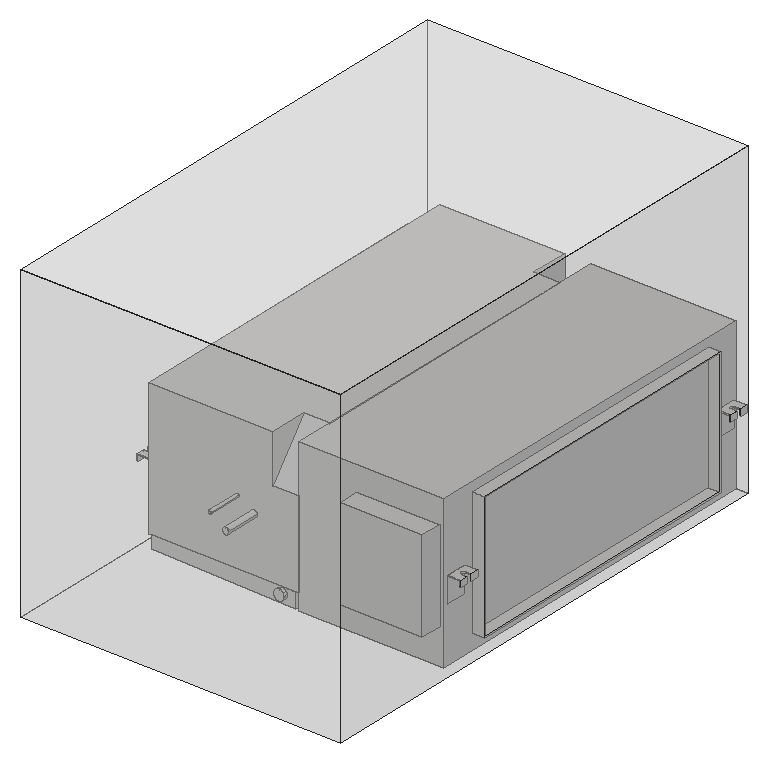
Revit family "outputfile", category 機械設備, Revit 2024
Family settings
  丸型コネクタ寸法 = 半径を使用
  パーツ タイプ = 標準
  OmniClass 番号 = 23.75.10.24.21.27.27
  OmniClass タイトル = Split System Air Conditioning Units
  作業面ベース = いいえ
  常に垂直 = はい
  ロード時にボイドで切り取り = いいえ
  注釈の向きを維持 = いいえ
  共有 = いいえ
  部屋計算ポイント = はい
Parameters (values of type "FDYQ180LCV1")
  製造元 = "Daikin"
  書き出し IFC クラス(タイプ) = "IfcUnitaryEquipmentType"
  定義済み IFC タイプ(タイプ) = "AIRCONDITIONINGUNIT"
  モデル = "FDYQ180LCV1"
  switch_frequency = yes
  lw_suctionflange = 918 mm
  r_Liquid Pipe Size = Liquid Pipe Size / 2  # 4.75 mm
  r_Gas Pipe Size = Gas Pipe Size / 2  # 9.55 mm
  r_Drain Pipe Size = Drain Pipe Size / 2  # 16.35 mm
  lw_power = 33.5 mm  # constant formula
  lw_dischargeflange = 58 mm  # constant formula
  lh_power = 285 mm  # constant formula
  lh_mountinghole1 = lh_mountinghole + [h***]  # 254 mm
  lh_dischargeflange = 110 mm  # constant formula
  ld_power = 230 mm  # constant formula
  ld_dischargeflange = 70 mm  # constant formula
  connector_voltage = Voltage_50Hz  # 230 V
  connector_powerinput = 6.110 kW
  connector_phase = Phase_50Hz  # 1
  Voltage_comment_50Hz = "220 - 240"
  Voltage_50Hz = 230 V
  Total Heating Capacity [instance] = 0.000 kW
  Supply Air Direction [instance] = yes
  Sound Power Level_H speed (dB) = 73
  Power Input (Heating) = 5.810 kW
  Phase_50Hz = 1
  Nominal Heating Capacity = 20.000 kW
  Minimum External Static Pressure = 50.00 Pa
  Minimum Circuit Amps_50Hz = 7.4 A
  Maximum Fuse Amps_50Hz = 16.0 A
  Maximum External Static Pressure = 210.00 Pa
  Material_Casing = DAIKIN_GalvanizedSteel_Casing_indoorunit
  ld_mountinghole = 972 mm  # constant formula
  lh_gaspipe = 248.5 mm  # constant formula
  lh_mountinghole = 254 mm  # constant formula
  lh_liquidpipe = 216 mm  # constant formula
  lh_drainpipe = 30 mm  # constant formula
  lh_antena = Height - lh_mountinghole + 1 mm  # 217 mm
  ld_drainpipe = 413.5 mm  # constant formula
  ld_liquidpipe = 275 mm  # constant formula
  ld_gaspipe = 327.5 mm  # constant formula
  lw_mountinghole = 1048 mm
  h*** = 0 mm  # constant formula
  lw_liquidpipe = 105.75 mm
  lw_gaspipe = 109.55 mm
  lw_drainpipe = 10 mm  # constant formula
  Width = 1200 mm
  Version = "ver.1.0"
  Unit Type = "Duct"
  Unit Mass Weight = 70.00 kg
  Unit Designation [instance] = ""
  Uniclass2015Version = "Products v1.30"
  Uniclass2015Title = "Split coil room air conditioning units"
  Uniclass2015Code = "Pr_70_65_03_86"
  Total Cooling Capacity [instance] = 0.000 kW
  Sound Pressure Level_M speed (dBA) = 41.5
  Sound Pressure Level_L speed (dBA) = 38
  Sound Pressure Level_H speed (dBA) = 45
  Series = "SkyAir_Fan Coil Unit"
  Sensible Cooling Capacity [instance] = 0.000 kW
  SA Duct Size Width = 918 mm
  SA Duct Size Height = 350 mm
  Refrigerant Type = "R410A"
  RA Duct Size Width = 918 mm
  RA Duct Size Height = 392.5 mm
  Power Input (Cooling) = 5.610 kW
  Option Accessory 3 [instance] = ""
  Option Accessory 2 [instance] = ""
  Option Accessory 1 [instance] = ""
  Nominal Cooling Capacity = 18.000 kW
  Minimum Airflow = 0.00 m³/h
  Median Airflow = 0.00 m³/h
  Maximum Airflow = 4176.00 m³/h
  Load Classification = HVAC
  Liquid Pipe Size = 9.5 mm
  Link_Nested Family [instance] = ""
  IfcVersion = ""
  IfcExportType = "AIRCONDITIONINGUNIT"
  IfcExportAs = "IfcUnitaryEquipmentType"
  Height = 470 mm
  Heating Entering Wet Bulb Temperature [instance] = -273.15 °C
  Heating Entering Dry Bulb Temperature [instance] = -273.15 °C
  Heating Ambient Wet Bulb Temperature [instance] = -273.15 °C
  Heating Ambient Dry Bulb Temperature [instance] = -273.15 °C
  Heat Exchanger Type = "Cross Fin Coil"
  Gas Pipe Size = 19.1 mm
  Frequency_50Hz = 50 Hz
  Fan Type = "Sirocco Fan"
  Fan Drive = "-"
  FCU Tag No. [instance] = ""
  Drain Pipe Size = 32.7 mm
  Design Supply Airflow [instance] = 0.00 m³/h
  Design Return Airflow [instance] = 0.00 m³/h
  Design External Static Pressure [instance] = 0.00 Pa
  Depth = 997 mm
  既定の高さ = 0 mm
  Cooling Entering Wet Bulb Temperature [instance] = 0.00 °C
  Cooling Entering Dry Bulb Temperature [instance] = 0.00 °C
  Cooling Ambient Wet Bulb Temperature [instance] = 0.00 °C
  Cooling Ambient Dry Bulb Temperature [instance] = 0.00 °C
  Clearance visibility [instance] = yes
  Clearance Top = 500 mm
  Clearance Right = 0 mm
  Clearance Rear = 0 mm
  Clearance Left = 0 mm
  Clearance Front = 450 mm
  Clearance Bottom = 0 mm
Reference planes
  plane 1 "Center (Front/Back)": y = 0
  plane 2 "h": z = 0
  plane 3 "Center (Left/Right)": x = 0
  plane 4 "Back": y = 566.5
  plane 5: y = -566.5
  plane 6 "Left": x = -498.5
  plane 7 "Reight": x = 498.5
  plane 8 "Top": z = 0
  plane 9 "Bottom": z = -470
  plane 10 "ld_mountinghole1": y = 524
  plane 11: y = 566.5
  plane 12: y = -1016.5
  plane 13: x = -498.5
  plane 14: x = 498.5
  plane 15: z = 500
  plane 16: z = -470
  plane 17: x = 7.75
  plane 18: z = -420
  plane 19 "ld_mountinghole2": y = -524
  plane 20: x = -486
  plane 21: x = 486
  plane 22: x = -459.25
  plane 23: x = 459.25
  plane 24 "Front": y = -633.5
  plane 25 "lh_mountinghole": z = -216
  plane 26: y = -429.5
  plane 27: z = -33
  plane 28: y = -459
  plane 29: z = -419
  plane 30: x = -184.25
  plane 31: x = -131.75
  plane 32: x = -45.75
  plane 33 "lh_liquidpipe": z = -216
  plane 34: z = -248.5
  plane 35: z = -440
  plane 36: y = -672.25
  plane 37: y = -676.05
  plane 38: y = -576.5
  plane 39: y = -600
  plane 40: x = 229.25
Forms (mm)
  Extrusion 1, solid, material "DAIKIN_GalvanizedSteel_Casing_indoorunit" <- "Material_Casing"
    sketch origin (12.25, -160, 0) x (1, 0, 0) y (0, 1, 0)
      loop
        line (-4.5, 726.5) -> (-4.5, -406.5) -> (447, -406.5) -> (447, 726.5) -> (-4.5, 726.5)
    from -470 to 0
  Extrusion 2, solid, material "DAIKIN_GalvanizedSteel_Casing_indoorunit" <- "Material_Casing"
    sketch origin (0, 0, 0) x (1, 0, 0) y (0, 1, 0)
      loop
        line (-459.25, 566.5) -> (-459.25, -566.5) -> (7.75, -566.5) -> (7.75, 566.5) -> (-459.25, 566.5)
    from -420 to 0
  Extrusion 3, void
    sketch origin (7.75, 1196.25, 1200) x (0, -1, 0) y (0, 0, 1)
      loop
        line (1762.75, -1200) -> (1642.75, -1200) -> (1762.75, -1350) -> (1762.75, -1200)
    from 0 to 80
  Extrusion 4, void
    sketch origin (7.75, -1196.25, 1200) x (0, 1, 0) y (0, 0, -1)
      loop
        line (1762.75, 1200) -> (1762.75, 1350) -> (1642.75, 1200) -> (1762.75, 1200)
    from 0 to 80
  Extrusion 5, solid, material "DAIKIN_GalvanizedSteel_Casing_indoorunit" <- "Material_Casing"
    sketch origin (0, -900, 0) x (1, 0, 0) y (0, 0, 1)
      loop
        line (190.25, -76) -> (190.25, -361) -> (444.25, -361) -> (444.25, -76) -> (190.25, -76)
    from -333.5 to -266.5
  Extrusion 6, solid, material "DAIKIN_GalvanizedSteel_Casing_indoorunit" <- "Material_Casing"
    sketch origin (0, 0, 0) x (1, 0, 0) y (0, 0, 1)
      loop
        line (-449.25, -420) -> (-449.25, -457) -> (-2.25, -467) -> (-2.25, -420) -> (-449.25, -420)
    from -566.5 to 566.5
  Extrusion 7, solid, material "DAIKIN_GalvanizedSteel_Casing_indoorunit" <- "Material_Casing"
    sketch origin (-1374.64, -566.5, 1200) x (-1, 0, 0) y (0, 0, 1)
      loop
        circle (-1190.39, -1416) r 4.75
    from 0 to -105.75
  Extrusion 8, solid, material "DAIKIN_GalvanizedSteel_Casing_indoorunit" <- "Material_Casing"
    sketch origin (-1374.64, -566.5, 1200) x (-1, 0, 0) y (0, 0, 1)
      loop
        circle (-1242.89, -1448.5) r 9.55
    from 0 to -109.55
  Extrusion 9, solid, material "DAIKIN_GalvanizedSteel_Casing_indoorunit" <- "Material_Casing"
    sketch origin (-1374.64, -566.5, 1200) x (-1, 0, 0) y (0, 0, 1)
      loop
        circle (-1328.89, -1640) r 16.35
    from 0 to -10
Cuts and joins
  Extrusion 3, Extrusion 4 cuts Extrusion 1
  Extrusion 3, Extrusion 4 cuts Extrusion 2
Dimensions and locks
  "Height": plane 8 "Top" to plane 9 "Bottom"
  equal spacing: plane 6 "Left", plane 3 "Center (Left/Right)", plane 7 "Reight"
  "Clearance Left": plane 13 to plane 6 "Left"
  "Clearance Right": plane 7 "Reight" to plane 14
  "Clearance Rear": plane 11 to plane 4 "Back"
  "Clearance Front": plane 5 to plane 12
  "Clearance Top": plane 15 to plane 8 "Top"
  "Clearance Bottom": plane 9 "Bottom" to plane 16
  equal spacing: plane 19 "ld_mountinghole2", plane 1 "Center (Front/Back)", plane 10 "ld_mountinghole1"
  "lw_mountinghole": plane 19 "ld_mountinghole2" to plane 10 "ld_mountinghole1"
  equal spacing: plane 20, plane 3 "Center (Left/Right)", plane 21
  "ld_mountinghole": plane 20 to plane 21
  "Depth": plane 6 "Left" to plane 7 "Reight"
  locked: plane 22 to plane 23 at 918.5
  equal spacing: plane 22, plane 3 "Center (Left/Right)", plane 23
  locked: plane 8 "Top" to plane 18 at 420
  "Width": plane 4 "Back" to plane 24 "Front"
  plane 4 "Back" to plane 5 = 1133 mm
  equal spacing: plane 4 "Back", plane 1 "Center (Front/Back)", plane 5
  "lh_mountinghole": plane 25 "lh_mountinghole" to plane 9 "Bottom"
  locked: plane 5 to plane 24 "Front" at 67
  locked: Extrusion 5 sketch curve to Extrusion 5 sketch curve at 254
  locked: Extrusion 5 sketch curve to Extrusion 5 sketch curve at 285
  locked: plane 8 "Top" to Extrusion 5 sketch curve at 76
  locked: plane 7 "Reight" to Extrusion 5 sketch curve at 54.25
  locked: plane 22 to plane 17 at 467
  locked: plane 26 to plane 5 at 137
  locked: plane 8 "Top" to plane 27 at 33
  locked: plane 28 to plane 5 at 107.5
  locked: plane 29 to plane 9 "Bottom" at 51
  "ld_liquidpipe": plane 22 to plane 30
  "ld_gaspipe": plane 22 to plane 31
  "ld_drainpipe": plane 22 to plane 32
  "lh_liquidpipe": plane 8 "Top" to plane 33 "lh_liquidpipe"
  "lh_gaspipe": plane 8 "Top" to plane 34
  "lh_drainpipe": plane 35 to plane 9 "Bottom"
  "lw_liquidpipe": plane 5 to plane 36
  "lw_gaspipe": plane 5 to plane 37
  "lw_drainpipe": plane 5 to plane 38
  "lw_power": plane 5 to plane 39
  "ld_power": plane 40 to plane 23
  "r_Liquid Pipe Size": radius of Extrusion 7 sketch curve
  "r_Gas Pipe Size": radius of Extrusion 8 sketch curve
  "r_Drain Pipe Size": radius of Extrusion 9 sketch curve
  aligned and locked: level to plane 2 "h"
  aligned and locked: plane 8 "Top" to Extrusion 1
  aligned and locked: Extrusion 1 to plane 9 "Bottom"
  aligned and locked: plane 10 "ld_mountinghole1" to nested 2
  aligned and locked: nested 4 to plane 12
  aligned and locked: plane 13 to nested 4
  aligned and locked: plane 14 to nested 4
  aligned and locked: nested 4 to plane 13
  aligned and locked: plane 11 to nested 4
  aligned and locked: plane 15 to nested 4
  aligned and locked: plane 16 to nested 4
  aligned and locked: Extrusion 1 to plane 17
  aligned and locked: Extrusion 2 sketch curve to plane 4 "Back"
  aligned and locked: Extrusion 2 sketch curve to plane 17
  aligned and locked: plane 5 to Extrusion 2 sketch curve
  aligned and locked: nested 1 to plane 19 "ld_mountinghole2"
  aligned and locked: plane 10 "ld_mountinghole1" to nested 7
  aligned and locked: plane 20 to nested 7
  aligned and locked: nested 6 to plane 19 "ld_mountinghole2"
  aligned and locked: plane 20 to nested 6
  aligned and locked: nested 5 to plane 21
  aligned and locked: nested 5 to plane 19 "ld_mountinghole2"
  aligned and locked: plane 10 "ld_mountinghole1" to nested 8
  aligned and locked: nested 8 to plane 21
  aligned and locked: plane 19 "ld_mountinghole2" to nested 9
  aligned and locked: nested 10 to plane 10 "ld_mountinghole1"
  aligned and locked: nested 3 to plane 3 "Center (Left/Right)"
  aligned and locked: plane 1 "Center (Front/Back)" to nested 3
  aligned and locked: level to plane 8 "Top"
  aligned and locked: Extrusion 2 to plane 22
  aligned and locked: plane 23 to Extrusion 1
  aligned and locked: plane 4 "Back" to Extrusion 1
  aligned and locked: Extrusion 1 to plane 5
  aligned and locked: Extrusion 2 to plane 18
  aligned and locked: plane 8 "Top" to Extrusion 2
  aligned and locked: nested 10 to plane 22
  aligned and locked: nested 9 to plane 22
  aligned and locked: plane 23 to nested 2
  aligned and locked: plane 23 to nested 1
  aligned and locked: plane 25 "lh_mountinghole" to nested 10
  aligned and locked: plane 25 "lh_mountinghole" to nested 9
  aligned and locked: plane 25 "lh_mountinghole" to nested 2
  aligned and locked: plane 25 "lh_mountinghole" to nested 1
  aligned and locked: plane 5 to Extrusion 5
  aligned and locked: Extrusion 5 to plane 24 "Front"
  aligned and locked: nested 11 to plane 22
  aligned and locked: plane 6 "Left" to nested 11
  aligned and locked: plane 26 to nested 11
  aligned and locked: plane 27 to nested 11
  aligned and locked: plane 23 to nested 12
  aligned and locked: nested 12 to plane 7 "Reight"
  aligned and locked: plane 28 to nested 12
  aligned and locked: nested 12 to plane 29
  aligned and locked: plane 4 "Back" to Extrusion 6
  aligned and locked: Extrusion 6 to plane 5
  aligned and locked: plane 33 "lh_liquidpipe" to Extrusion 7 sketch curve
  aligned and locked: plane 30 to Extrusion 7 sketch curve
  aligned and locked: plane 5 to Extrusion 7
  aligned and locked: Extrusion 7 to plane 36
  aligned and locked: plane 34 to Extrusion 8 sketch curve
  aligned and locked: plane 31 to Extrusion 8 sketch curve
  aligned and locked: Extrusion 8 to plane 37
  aligned and locked: plane 35 to Extrusion 9 sketch curve
  aligned and locked: plane 32 to Extrusion 9 sketch curve
  aligned and locked: plane 5 to Extrusion 8
  aligned and locked: plane 5 to Extrusion 9
  aligned and locked: Extrusion 9 to plane 38
  aligned and locked: plane 30 to nested 13
  aligned and locked: nested 13 to plane 36
  aligned and locked: nested 13 to plane 33 "lh_liquidpipe"
  aligned and locked: plane 31 to nested 14
  aligned and locked: nested 14 to plane 37
  aligned and locked: nested 14 to plane 34
  aligned and locked: plane 32 to nested 15
  aligned and locked: nested 15 to plane 38
  aligned and locked: nested 15 to plane 35
  aligned and locked: Extrusion 5 to nested 16
  aligned and locked: plane 40 to nested 16
  aligned and locked: nested 16 to plane 39
  aligned and locked: Extrusion 6 sketch curve to plane 18
Automatic sketch dimensions
  Extrusion 1 sketch curve to plane 5 = 0 mm
  Extrusion 1 sketch curve to plane 17 = 0 mm
  Extrusion 1 sketch curve to plane 23 = 0 mm
  Extrusion 1 sketch curve to plane 4 "Back" = 0 mm
  Extrusion 2 sketch curve to plane 22 = 0 mm
  Extrusion 3 sketch curve to level = 0 mm
  Extrusion 3 sketch curve to plane 5 = 0 mm
  plane 19 "ld_mountinghole2" to Extrusion 3 sketch curve = 77.5 mm
  plane 25 "lh_mountinghole" to Extrusion 3 sketch curve = 66 mm
  Extrusion 4 sketch curve to level = 0 mm
  Extrusion 4 sketch curve to plane 4 "Back" = 0 mm
  plane 10 "ld_mountinghole1" to Extrusion 4 sketch curve = 77.5 mm
  plane 25 "lh_mountinghole" to Extrusion 4 sketch curve = 66 mm
  plane 22 to Extrusion 6 sketch curve = 10 mm
  Extrusion 6 sketch curve to plane 3 "Center (Left/Right)" = 2.25 mm
  plane 9 "Bottom" to Extrusion 6 sketch curve = 3 mm
  plane 9 "Bottom" to Extrusion 6 sketch curve = 13 mm
Nested families
  nested 1: "daikin_hangerfixture_FDYQ-LCV1" at (459.25, -524, -216), type "daikin_hangerfixture_FDYQ-LCV1"
  nested 2: "daikin_hangerfixture_FDYQ-LCV1" at (459.25, 524, -216), type "daikin_hangerfixture_FDYQ-LCV1"
  nested 3: "daikin_△_symbolicline" at (0, 0, 470) x (0, -1, 0) z (0, 0, 1), built-in parameter 1001364 <- "Height", visible <- "Supply Air Direction", type "daikin_△_symbolicline"
    with length 300 mm
  nested 4: "daikin_clearancespace" at (0, -225, 15.119), visible <- "Clearance visibility", show <- "Clearance visibility", Link_Nested Family <- "Link_Nested Family", type "daikin_clearancespace"
    with width 997 mm, show yes, height 970 mm, depth 1583 mm, Link_Nested Family ""
  nested 5: "daikin_mountinghole" at (486, -524, -470), l_antenna <- "lh_antena", Link_Nested Family <- "Link_Nested Family", h_mountinghole <- "lh_mountinghole1", type "daikin_mountinghole"
    with show yes, l_antenna 217 mm, h_mountinghole 254 mm, Link_Nested Family ""
  nested 6: "daikin_mountinghole" at (-486, -524, -470), l_antenna <- "lh_antena", Link_Nested Family <- "Link_Nested Family", h_mountinghole <- "lh_mountinghole1", type "daikin_mountinghole"
    with show yes, l_antenna 217 mm, h_mountinghole 254 mm, Link_Nested Family ""
  nested 7: "daikin_mountinghole" at (-486, 524, -470), h_mountinghole <- "lh_mountinghole1", l_antenna <- "lh_antena", Link_Nested Family <- "Link_Nested Family", type "daikin_mountinghole"
    with show yes, l_antenna 217 mm, h_mountinghole 254 mm, Link_Nested Family ""
  nested 8: "daikin_mountinghole" at (486, 524, -470), l_antenna <- "lh_antena", Link_Nested Family <- "Link_Nested Family", h_mountinghole <- "lh_mountinghole1", type "daikin_mountinghole"
    with show yes, l_antenna 217 mm, h_mountinghole 254 mm, Link_Nested Family ""
  nested 9: "daikin_hangerfixture_FDYQ-LCV1_2" at (-459.25, -524, -216) x (-1, 0, 0) z (0, 0, 1), type "daikin_hangerfixture_FDYQ-LCV1_2"
  nested 10: "daikin_hangerfixture_FDYQ-LCV1_2" at (-459.25, 524, -216) x (-1, 0, 0) z (0, 0, 1), type "daikin_hangerfixture_FDYQ-LCV1_2"
  nested 11: "daikin_ductflange_FDYQ-LCV1" at (-498.5, 29.5, -383) x (0, 1, 0) z (0, 0, 1), width <- "lw_suctionflange", material <- "Material_Casing", type "daikin_ductflange_FDYQ-LCV1"
    with width 918 mm, material DAIKIN_GalvanizedSteel_Casing_indoorunit, height 350 mm, depth 39.25 mm
  nested 12: "daikin_ductflange_FDYQ-LCV1" at (459.25, 0, -419) x (0, 1, 0) z (0, 0, 1), width <- "lw_suctionflange", material <- "Material_Casing", type "daikin_ductflange_FDYQ-LCV1"
    with width 918 mm, material DAIKIN_GalvanizedSteel_Casing_indoorunit, height 392.5 mm, depth 39.25 mm
  nested 13: "daikin_connector_rotate2" at (-184.25, -566.5, -216), length <- "lw_liquidpipe", radius <- "r_Liquid Pipe Size", type "daikin_connector_rotate2"
    with radius 4.75 mm, length 105.75 mm, angle_vertical 90.00°, show_face no
  nested 14: "daikin_connector_rotate2" at (-131.75, -566.5, -248.5), length <- "lw_gaspipe", radius <- "r_Gas Pipe Size", type "daikin_connector_rotate2"
    with radius 9.55 mm, length 109.55 mm, angle_vertical 90.00°, show_face no
  nested 15: "daikin_connector_rotate2" at (-45.75, -566.5, -440), length <- "lw_drainpipe", radius <- "r_Drain Pipe Size", type "daikin_connector_rotate2"
    with radius 16.35 mm, length 10 mm, angle_vertical 90.00°, show_face no
  nested 16: "daikin_connector_rotate2" at (229.25, -600, -76) x (1, 0, 0) z (0, -1, 0), length <- "lh_power", type "daikin_connector_rotate2"
    with radius 10 mm, length 285 mm, angle_vertical 90.00°, show_face no
Connectors
  hvac at (-498.5, 29.5, -208), driven by "SA Duct Size Height", driven by "SA Duct Size Width"
    settings: on nested 11, index 1, duct flow 0.00 m³/h, flow factor 0, pres drop 0.00 Pa, loss coef 0, conn angle 0.00°, conn width 918.0 mm, conn height 350.0 mm, conn diameter 609.6 mm, duct sys type 1, conn prof type 1, flow config 0, flow direction 2, loss method 4, conn ref index -1, conn util no, is conn primary yes, conn desc "SA Duct"
  hvac at (498.5, 0, -222.75), driven by "RA Duct Size Height", driven by "RA Duct Size Width"
    settings: on nested 12, index 2, duct flow 0.00 m³/h, flow factor 0, pres drop 0.00 Pa, loss coef 0, conn angle 0.00°, conn width 918.0 mm, conn height 392.5 mm, conn diameter 609.6 mm, duct sys type 2, conn prof type 1, flow config 0, flow direction 1, loss method 4, conn ref index -1, conn util no, is conn primary no, conn desc "RA Duct"
  piping at (-184.25, -672.25, -216), diameter 9.5, driven by "r_Liquid Pipe Size"
    settings: on nested 13, index 3, connector inside diameter 609.6 mm, connector length 0 mm, flow factor 0, pipe flow 0.00 m³/h, pressure drop 0.0 Pa, fitting loss kfactor 0, connector angle 0.00°, fixture units 0, engagement length 0 mm, angle of deflection 0.00°, flow configuration 1, flow direction 1, fitting loss method 0, system type 29, joint type 0, gender type 0, connector reference index -1, connector utility 0, adjustable connector no, is connector primary yes, connector description "Refrigerant Liquid Piping"
  piping at (-131.75, -676.05, -248.5), diameter 19.1, driven by "r_Gas Pipe Size"
    settings: on nested 14, index 4, connector inside diameter 609.6 mm, connector length 0 mm, flow factor 0, pipe flow 0.00 m³/h, pressure drop 0.0 Pa, fitting loss kfactor 0, connector angle 0.00°, fixture units 0, engagement length 0 mm, angle of deflection 0.00°, flow configuration 1, flow direction 2, fitting loss method 0, system type 29, joint type 0, gender type 0, connector reference index -1, connector utility 0, adjustable connector no, is connector primary no, connector description "Refrigerant Gas Piping"
  piping at (-45.75, -576.5, -440), diameter 32.7, driven by "r_Drain Pipe Size"
    settings: on nested 15, index 5, connector inside diameter 609.6 mm, connector length 0 mm, flow factor 0, pipe flow 0.00 m³/h, pressure drop 0.0 Pa, fitting loss kfactor 0, connector angle 0.00°, fixture units 0, engagement length 0 mm, angle of deflection 0.00°, flow configuration 1, flow direction 2, fitting loss method 4, system type 16, joint type 0, gender type 0, connector reference index -1, connector utility 0, adjustable connector no, is connector primary no, connector description "Condensate Drain Piping"
  electrical at (229.25, -600, -361), driven by "Load Classification", driven by "connector_voltage", driven by "connector_phase", driven by "connector_powerinput"
    settings: on nested 16, index 6, voltage 230 V, apparent load 6110 VA, apparent load phase1 0 VA, apparent load phase2 0 VA, apparent load phase3 0 VA, power factor 1, load classification "HVAC", number of poles 1, system type 30, power factor state 1, is connector primary yes, connector utility no, sub classification motor no, connector description "Power Supply"
Definition of nested family "daikin_hangerfixture_FDYQ-LCV1"
  Parameters (values of type "daikin_hangerfixture_FDYQ-LCV1")
    width = 44 mm
    material = none
    height = 80 mm
    depth = 65 mm
    Default Elevation = 0 mm
  Reference planes
    plane 1 "Center (Front/Back)": y = 0
    plane 2: z = 0
    plane 3 "Center (Left/Right)": x = 0
    plane 4: y = 417.146
    plane 5: z = -2
    plane 6: z = -65
    plane 7: z = -12
    plane 8: x = 44
    plane 9: y = 32.5
    plane 10: y = -32.5
    plane 11: y = -36
    plane 12: y = 36
    plane 13: z = -80
    plane 14: x = 2
    plane 15: x = 14
    plane 16: x = 26
    plane 17: x = 42
  Forms (mm)
    Extrusion 1, solid, material <- "material"
      sketch origin (0, 0, 0) x (1, 0, 0) y (0, 1, 0)
        loop
          line (0, 32.5) -> (0, -32.5) -> (44, -32.5) -> (44, -7.5) -> (26.75, -7.5)
          arc (26.75, -7.5) -> (19.25, 0) -> (26.75, 7.5) r 7.5
          line (26.75, 7.5) -> (44, 7.5) -> (44, 32.5) -> (0, 32.5)
      from -2 to 0
    Extrusion 2, solid, material <- "material"
      sketch origin (0, 0, 0) x (0, 1, 0) y (0, 0, 1)
        loop
          line (32.5, -75.411) -> (32.5, 0) -> (-32.5, 0) -> (-32.5, -75.411)
          arc (-32.5, -75.411) -> (-31.156, -78.656) -> (-27.911, -80) r 4.589
          line (-27.911, -80) -> (27.911, -80)
          arc (27.911, -80) -> (31.156, -78.656) -> (32.5, -75.411) r 4.589
      from 0 to 2
    Extrusion 3, solid, material <- "material"
      sketch origin (0, 0, 0) x (0, 1, 0) y (0, 0, 1)
        loop
          line (-7.5, -17.007) -> (-7.5, 0) -> (-32.5, 0) -> (-32.5, -17.007)
          arc (-32.5, -17.007) -> (-31.623, -19.123) -> (-29.507, -20) r 2.993
          line (-29.507, -20) -> (-10.493, -20)
          arc (-10.493, -20) -> (-8.377, -19.123) -> (-7.5, -17.007) r 2.993
        loop
          arc (7.5, -17.007) -> (8.377, -19.123) -> (10.493, -20) r 2.993
          line (10.493, -20) -> (29.507, -20)
          arc (29.507, -20) -> (31.623, -19.123) -> (32.5, -17.007) r 2.993
          line (32.5, -17.007) -> (32.5, 0) -> (7.5, 0) -> (7.5, -17.007)
      from 44 to 42
  Cuts and joins
    joined: Extrusion 1, Extrusion 2, Extrusion 3
  Dimensions and locks
    "width": plane 3 "Center (Left/Right)" to plane 8
    "depth": plane 10 to plane 9
    equal spacing: plane 10, plane 1 "Center (Front/Back)", plane 9
    locked: plane 11 to plane 10 at 3.5
    locked: plane 9 to plane 12 at 3.5
    "height": level to plane 13
    locked: plane 14 to plane 3 "Center (Left/Right)" at 2
    plane 3 "Center (Left/Right)" to plane 15 = 14 mm
    locked: plane 15 to plane 16 at 12
    plane 3 "Center (Left/Right)" to Extrusion 1 = 44 mm
    locked: plane 2 to plane 5 at 2
    locked: plane 8 to plane 17 at 2
    aligned and locked: level to plane 2
    aligned and locked: level to Extrusion 1
    aligned and locked: Extrusion 1 to plane 5
    aligned and locked: Extrusion 1 sketch curve to plane 3 "Center (Left/Right)"
    aligned and locked: Extrusion 1 sketch curve to plane 8  (x2)
    aligned and locked: level to Extrusion 2 sketch curve
    aligned and locked: plane 14 to Extrusion 2
    aligned and locked: Extrusion 3 sketch curve to level
    aligned and locked: level to Extrusion 3 sketch curve
    aligned and locked: plane 9 to Extrusion 1 sketch curve
    aligned and locked: Extrusion 1 sketch curve to plane 10
    aligned and locked: plane 13 to Extrusion 2 sketch curve
    aligned and locked: plane 8 to cut or joined group of Extrusion 1, Extrusion 2, Extrusion 3
    aligned and locked: cut or joined group of Extrusion 1, Extrusion 2, Extrusion 3 to plane 17
  Automatic sketch dimensions
    plane 9 to Extrusion 2 sketch curve = 4.589 mm
    Extrusion 2 sketch curve to plane 10 = 4.589 mm
    Extrusion 2 sketch curve to Extrusion 2 sketch curve = 4.589 mm
    Extrusion 2 sketch curve to plane 9 = 0 mm
    plane 10 to Extrusion 3 sketch curve = 0 mm
    Extrusion 3 sketch curve to plane 7 = 8 mm  (x2)
    Extrusion 3 sketch curve to plane 10 = 2.993 mm
    Extrusion 3 sketch curve to plane 7 = 5.007 mm  (x2)
    plane 1 "Center (Front/Back)" to Extrusion 3 sketch curve = 10.493 mm
    Extrusion 3 sketch curve to plane 1 "Center (Front/Back)" = 7.5 mm
    plane 9 to Extrusion 3 sketch curve = 2.993 mm
    Extrusion 3 sketch curve to plane 9 = 0 mm
    plane 1 "Center (Front/Back)" to Extrusion 1 sketch curve = 0 mm
    plane 16 to Extrusion 1 sketch curve = 0.75 mm
    Extrusion 1 sketch curve to plane 1 "Center (Front/Back)" = 7.5 mm
Definition of nested family "daikin_clearancespace"
  Parameters (values of type "daikin_clearancespace")
    Description = "daikin_clearancespace"
    width [instance] = 1823.963 mm
    show [instance] = yes
    material = none
    height [instance] = 1359.762 mm
    depth [instance] = 880 mm
    Default Elevation = 0 mm
    Link_Nested Family [instance] = ""
  Reference planes
    plane 1 "Center (Front/Back)": y = 0
    plane 2 "Center (Elevation)": z = -0.119
    plane 3 "Center (Left/Right)": x = 0
    plane 4: y = 440
    plane 5: y = -440
    plane 6 "Right": x = 911.982
    plane 7 "Left": x = -911.982
    plane 8 "Top": z = 679.762
    plane 9 "Bottom": z = -680
  Forms (mm)
    Extrusion 1, solid, material <- "material", visible <- "show"
      sketch origin (0, 0, 0) x (1, 0, 0) y (0, 1, 0)
        loop
          line (-911.982, 440) -> (-911.982, -440) -> (911.982, -440) -> (911.982, 440) -> (-911.982, 440)
      from -680 to 679.762
  Lines and regions (mm)
    symbolic lines, visible <- "show"
      curve 1: line (911.982, 440, 0) -> (-911.982, 440, 0)
      curve 2: line (-911.982, 440, 0) -> (-911.982, -440, 0)
      curve 3: line (-911.982, -440, 0) -> (911.982, -440, 0)
      curve 4: line (911.982, -440, 0) -> (911.982, 440, 0)
      curve 5: line (911.982, 0, 679.762) -> (-911.982, 0, 679.762)
      curve 6: line (911.982, 0, -680) -> (911.982, 0, 679.762)
      curve 7: line (-911.982, 0, -680) -> (911.982, 0, -680)
      curve 8: line (-911.982, 0, 679.762) -> (-911.982, 0, -680)
      curve 9: line (0, 440, 679.762) -> (0, -440, 679.762)
      curve 10: line (0, -440, 679.762) -> (0, -440, -680)
      curve 11: line (0, 440, -680) -> (0, 440, 679.762)
      curve 12: line (0, -440, -680) -> (0, 440, -680)
  Dimensions and locks
    "width": plane 7 "Left" to plane 6 "Right"
    "depth": plane 4 to plane 5
    "height": plane 8 "Top" to plane 9 "Bottom"
    equal spacing: plane 7 "Left", plane 3 "Center (Left/Right)", plane 6 "Right"
    equal spacing: plane 4, plane 1 "Center (Front/Back)", plane 5
    equal spacing: plane 8 "Top", plane 2 "Center (Elevation)", plane 9 "Bottom"
    aligned and locked: level to plane 2 "Center (Elevation)"
    aligned and locked: Extrusion 1 sketch curve to plane 4
    aligned and locked: plane 7 "Left" to Extrusion 1 sketch curve
    aligned and locked: Extrusion 1 sketch curve to plane 5
    aligned and locked: Extrusion 1 sketch curve to plane 6 "Right"
    aligned and locked: plane 8 "Top" to Extrusion 1
    aligned and locked: curve 1 to Extrusion 1
    aligned and locked: curve 2 to Extrusion 1
    aligned and locked: curve 3 to Extrusion 1
    aligned and locked: curve 4 to Extrusion 1
    aligned and locked: curve 5 to Extrusion 1
    aligned and locked: curve 6 to Extrusion 1
    aligned and locked: curve 7 to Extrusion 1
    aligned and locked: curve 8 to Extrusion 1
    aligned and locked: curve 9 to Extrusion 1
    aligned and locked: curve 10 to Extrusion 1
    aligned and locked: curve 11 to Extrusion 1
    aligned and locked: curve 12 to Extrusion 1
    aligned and locked: Extrusion 1 to plane 9 "Bottom"
Definition of nested family "daikin_hangerfixture_FDYQ-LCV1_2"
  Parameters (values of type "daikin_hangerfixture_FDYQ-LCV1_2")
    width = 44 mm
    material = none
    height = 204 mm
    depth = 65 mm
    Default Elevation = 0 mm
  Reference planes
    plane 1 "Center (Front/Back)": y = 0
    plane 2: z = 0
    plane 3 "Center (Left/Right)": x = 0
    plane 4: y = 417.146
    plane 5: z = -2
    plane 6: z = -65
    plane 7: z = -12
    plane 8: x = 44
    plane 9: y = 32.5
    plane 10: y = -32.5
    plane 11: y = -36
    plane 12: y = 36
    plane 13: z = -204
    plane 14: x = 2
    plane 15: x = 14
    plane 16: x = 26
    plane 17: x = 42
  Forms (mm)
    Extrusion 1, solid, material <- "material"
      sketch origin (0, 0, 0) x (1, 0, 0) y (0, 1, 0)
        loop
          line (0, 32.5) -> (0, -32.5) -> (44, -32.5) -> (44, -7.5) -> (26.75, -7.5)
          arc (26.75, -7.5) -> (19.25, 0) -> (26.75, 7.5) r 7.5
          line (26.75, 7.5) -> (44, 7.5) -> (44, 32.5) -> (0, 32.5)
      from -2 to 0
    Extrusion 2, solid, material <- "material"
      sketch origin (0, 0, 0) x (0, 1, 0) y (0, 0, 1)
        loop
          line (32.5, -199.411) -> (32.5, 0) -> (-32.5, 0) -> (-32.5, -199.411)
          arc (-32.5, -199.411) -> (-31.156, -202.656) -> (-27.911, -204) r 4.589
          line (-27.911, -204) -> (27.911, -204)
          arc (27.911, -204) -> (31.156, -202.656) -> (32.5, -199.411) r 4.589
      from 0 to 2
    Extrusion 3, solid, material <- "material"
      sketch origin (0, 0, 0) x (0, 1, 0) y (0, 0, 1)
        loop
          line (-7.5, -17.007) -> (-7.5, 0) -> (-32.5, 0) -> (-32.5, -17.007)
          arc (-32.5, -17.007) -> (-31.623, -19.123) -> (-29.507, -20) r 2.993
          line (-29.507, -20) -> (-10.493, -20)
          arc (-10.493, -20) -> (-8.377, -19.123) -> (-7.5, -17.007) r 2.993
        loop
          arc (7.5, -17.007) -> (8.377, -19.123) -> (10.493, -20) r 2.993
          line (10.493, -20) -> (29.507, -20)
          arc (29.507, -20) -> (31.623, -19.123) -> (32.5, -17.007) r 2.993
          line (32.5, -17.007) -> (32.5, 0) -> (7.5, 0) -> (7.5, -17.007)
      from 44 to 42
  Cuts and joins
    joined: Extrusion 1, Extrusion 2, Extrusion 3
  Dimensions and locks
    "width": plane 3 "Center (Left/Right)" to plane 8
    "depth": plane 10 to plane 9
    equal spacing: plane 10, plane 1 "Center (Front/Back)", plane 9
    locked: plane 11 to plane 10 at 3.5
    locked: plane 9 to plane 12 at 3.5
    "height": level to plane 13
    locked: plane 14 to plane 3 "Center (Left/Right)" at 2
    plane 3 "Center (Left/Right)" to plane 15 = 14 mm
    locked: plane 15 to plane 16 at 12
    locked: plane 2 to plane 5 at 2
    locked: plane 8 to plane 17 at 2
    aligned and locked: level to plane 2
    aligned and locked: level to Extrusion 1
    aligned and locked: Extrusion 1 to plane 5
    aligned and locked: Extrusion 1 sketch curve to plane 3 "Center (Left/Right)"
    aligned and locked: Extrusion 1 sketch curve to plane 8  (x2)
    aligned and locked: level to Extrusion 2 sketch curve
    aligned and locked: plane 14 to Extrusion 2
    aligned and locked: Extrusion 3 sketch curve to level
    aligned and locked: level to Extrusion 3 sketch curve
    aligned and locked: plane 9 to Extrusion 1 sketch curve
    aligned and locked: Extrusion 1 sketch curve to plane 10
    aligned and locked: plane 13 to Extrusion 2 sketch curve
    aligned and locked: plane 8 to cut or joined group of Extrusion 1, Extrusion 2, Extrusion 3
    aligned and locked: cut or joined group of Extrusion 1, Extrusion 2, Extrusion 3 to plane 17
  Automatic sketch dimensions
    plane 9 to Extrusion 2 sketch curve = 4.589 mm
    Extrusion 2 sketch curve to plane 10 = 4.589 mm
    Extrusion 2 sketch curve to Extrusion 2 sketch curve = 4.589 mm
    Extrusion 2 sketch curve to plane 9 = 0 mm
    plane 10 to Extrusion 3 sketch curve = 0 mm
    Extrusion 3 sketch curve to plane 7 = 8 mm  (x2)
    Extrusion 3 sketch curve to plane 10 = 2.993 mm
    Extrusion 3 sketch curve to plane 7 = 5.007 mm  (x2)
    plane 1 "Center (Front/Back)" to Extrusion 3 sketch curve = 10.493 mm
    Extrusion 3 sketch curve to plane 1 "Center (Front/Back)" = 7.5 mm
    plane 9 to Extrusion 3 sketch curve = 2.993 mm
    Extrusion 3 sketch curve to plane 9 = 0 mm
    plane 1 "Center (Front/Back)" to Extrusion 1 sketch curve = 0 mm
    plane 16 to Extrusion 1 sketch curve = 0.75 mm
    Extrusion 1 sketch curve to plane 1 "Center (Front/Back)" = 7.5 mm
Definition of nested family "daikin_ductflange_FDYQ-LCV1"
  Parameters (values of type "daikin_ductflange_FDYQN-LCV1")
    width [instance] = 918 mm
    material [instance] = none
    height [instance] = 350 mm
    depth [instance] = 39.25 mm
    Default Elevation = 0 mm
  Reference planes
    plane 1 "Center (Front/Back)": y = 0
    plane 2: z = 0
    plane 3 "Center (Left/Right)": x = 0
    plane 4: y = -39.25
    plane 5: x = -459
    plane 6: x = 459
    plane 7 "Top": z = 350
    plane 8 "Center (Elevation)": z = 175
  Forms (mm)
    Extrusion 1, solid, material <- "material"
      sketch origin (0, 0, 0) x (1, 0, 0) y (0, 0, 1)
        loop
          line (-459, 350) -> (-459, 0) -> (459, 0) -> (459, 350) -> (-459, 350)
        loop
          line (-457, 348) -> (-457, 2) -> (457, 2) -> (457, 348) -> (-457, 348)
      from 0 to 39.25
  Dimensions and locks
    "height": plane 7 "Top" to plane 2
    "width": plane 5 to plane 6
    equal spacing: plane 5, plane 3 "Center (Left/Right)", plane 6
    "depth": plane 1 "Center (Front/Back)" to plane 4
    equal spacing: plane 7 "Top", plane 8 "Center (Elevation)", plane 2
    locked: plane 7 "Top" to Extrusion 1 sketch curve at 2
    locked: Extrusion 1 sketch curve to level at 2
    locked: Extrusion 1 sketch curve to plane 5 at 2
    locked: plane 6 to Extrusion 1 sketch curve at 2
    aligned and locked: level to plane 2
    aligned and locked: Extrusion 1 sketch curve to plane 7 "Top"
    aligned and locked: plane 5 to Extrusion 1 sketch curve
    aligned and locked: Extrusion 1 sketch curve to plane 6
    aligned and locked: plane 2 to Extrusion 1 sketch curve
    aligned and locked: Extrusion 1 to plane 4
Definition of nested family "daikin_△_symbolicline"
  Parameters (values of type "daikin_△_symbolicline")
    length [instance] = 200 mm
    Default Elevation = 0 mm
  Reference planes
    plane 1 "Center (Front/Back)": y = 0
    plane 2: z = 0
    plane 3 "Center (Left/Right)": x = 0
  Lines and regions (mm)
    symbolic lines
      curve 1: line (0, -173.205, 0) -> (100, 0, 0)
      curve 2: line (100, 0, 0) -> (-100, 0, 0)
      curve 3: line (-100, 0, 0) -> (0, -173.205, 0)
  Dimensions and locks
    equal spacing: curve 3, plane 3 "Center (Left/Right)", curve 2
    "length": curve 3 to curve 2
    "length": curve 3 to curve 3
    "length": curve 1 to curve 1
    aligned and locked: level to plane 2
    aligned and locked: curve 2 to plane 1 "Center (Front/Back)"
    aligned and locked: plane 3 "Center (Left/Right)" to curve 3
Definition of nested family "daikin_mountinghole"
  Parameters (values of type "daikin_mountinghole")
    Default Elevation = 1219.2 mm
    Type Comments = "mountinghole"
    show [instance] = yes
    material = none
    l_centerline = 100 mm
    l_antenna [instance] = 100 mm
    h_mountinghole [instance] = 0 mm
    d_circle = 30 mm
    Link_Nested Family [instance] = ""
  Reference planes
    plane 1 "Center (Front/Back)": y = 0
    plane 2: z = 0
    plane 3 "Center (Left/Right)": x = 0
    plane 4: y = 50
    plane 5: x = -50
    plane 6: x = 50
    plane 7: y = -50
    plane 8 "h_mountinghole": z = 0
    plane 9: z = 100
  Lines and regions (mm)
    model lines, detail levels fine
      curve 1: circle (0, 0, 0) r 15 normal (0, 0, 1)
      curve 2: line (-50, 0, 0) -> (50, 0, 0)
      curve 3: line (0, 50, 0) -> (0, -50, 0)
    symbolic lines, detail levels fine
      curve 4: circle (0, 0, 0) r 15 normal (0, 0, 1)
      curve 5: line (-50, 0, 0) -> (50, 0, 0)
      curve 6: line (0, 50, 0) -> (0, -50, 0)
    model lines
      curve 7: line (0, 0, 100) -> (0, 0, 0)
  Dimensions and locks
    equal spacing: plane 4, plane 1 "Center (Front/Back)", plane 7
    "l_centerline": plane 4 to plane 7
    equal spacing: plane 5, plane 3 "Center (Left/Right)", plane 6
    "l_centerline": plane 5 to plane 6
    "l_antenna": plane 9 to plane 8 "h_mountinghole"
    "h_mountinghole": plane 8 "h_mountinghole" to plane 2
    "d_circle": diameter of curve 1
    "d_circle": diameter of curve 4
    aligned and locked: level to plane 2
    aligned and locked: plane 1 "Center (Front/Back)" to curve 1
    aligned and locked: plane 3 "Center (Left/Right)" to curve 1
    aligned and locked: plane 1 "Center (Front/Back)" to curve 2
    aligned and locked: curve 3 to plane 3 "Center (Left/Right)"
    aligned and locked: plane 6 to curve 2
    aligned and locked: plane 5 to curve 2
    aligned and locked: plane 4 to curve 3
    aligned and locked: plane 7 to curve 3
    aligned and locked: plane 1 "Center (Front/Back)" to curve 4
    aligned and locked: plane 3 "Center (Left/Right)" to curve 4
    aligned and locked: plane 6 to curve 5
    aligned and locked: plane 5 to curve 5
    aligned and locked: plane 1 "Center (Front/Back)" to curve 5
    aligned and locked: plane 4 to curve 6
    aligned and locked: plane 7 to curve 6
    aligned and locked: curve 6 to plane 3 "Center (Left/Right)"
    aligned and locked: curve 7 to plane 3 "Center (Left/Right)"
    aligned and locked: plane 9 to curve 7
    aligned and locked: plane 8 "h_mountinghole" to curve 7
Definition of nested family "daikin_connector_rotate2"
  Parameters (values of type "daikin_connector_rotate2")
    show_face = yes
    radius [instance] = 10 mm
    length [instance] = 600 mm
    d_surface = 10 mm
    angle_vertical [instance] = 90.00°
    Default Elevation = 0 mm
  Reference planes
    plane 1 "Center (Front/Back)": y = 0
    plane 2: z = 0
    plane 3 "Center (Left/Right)": x = 0
  Forms (mm)
    Extrusion 1, solid, visible <- "show_face"
      sketch origin (0, -600, 0) x (1, 0, 0) y (0, 0, 1)
        loop
          circle (0, 0) r 10
      from 0 to -10
  Lines and regions (mm)
    reference lines
      curve 1: line (0, 0, 0) -> (0, -600, 0)
    symbolic lines
      curve 2: circle (0, 0, 0) r 5 normal (0, 0, 1)
    model lines, visible <- "show_face"
      curve 3: line (0, 0, 0) -> (0, -600, 0)
  Dimensions and locks
    "length": curve 1 to curve 1
    "length": curve 3 to curve 3
    "d_surface": Extrusion 1 to Extrusion 1
    "radius": radius of Extrusion 1 sketch curve
    "angle_vertical": angle curve 1 to plane 1 "Center (Front/Back)"
    "angle_vertical": angle curve 3 to plane 1 "Center (Front/Back)"
    aligned and locked: level to plane 2
    aligned and locked: plane 1 "Center (Front/Back)" to curve 1
    aligned and locked: plane 2 to curve 1
    aligned and locked: plane 1 "Center (Front/Back)" to curve 2
    aligned and locked: plane 3 "Center (Left/Right)" to curve 2
    aligned and locked: plane 1 "Center (Front/Back)" to curve 3
    aligned and locked: plane 2 to curve 3
    aligned and locked: Extrusion 1 to Extrusion 1
  Automatic sketch dimensions
    Extrusion 1 sketch curve to level = 0 mm
    Extrusion 1 sketch curve to plane 3 "Center (Left/Right)" = 0 mm
    radius of curve 2 = 5 mm
